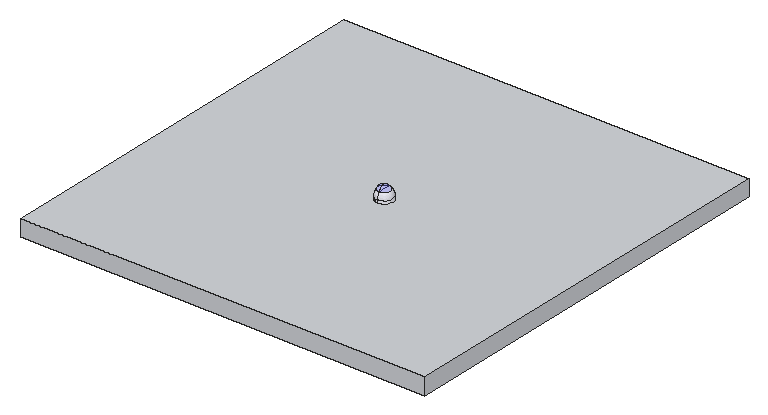
Revit family "BEG-92270", category Dispositifs d'éclairage, Revit 2015
Parameters
  Detection zone [instance] = yes
  URL = "http://www.luxomat.com/en-92270"
  Type of output = "SWITCH"
  Ambiant temperature = "-25°C to +50°C"
  Ref = "92270"
  Relay = "10A"
  height position [instance] = 250 cm
  Modèle = "PD4N-1C-C-SM"
  Installation type = "Ceiling"
  Brand = "LUXOMAT"
  Image du type = 92270.jpg
  IP = "44"
  Mounting height max = Installation height max  # 270 cm
  Installation height max = 270 cm
  Fabricant = "B.E.G"
  Label [instance] = yes
  Default Elevation = 0 cm
  Consumption = "0.52W"
  Commentaires du type = "Occupancy detector PD4N-1C-C-SM"
  Code d'assemblage = "D5010200"
  Class = "2"
  Switching power LED = "300W"
  Switching power Cos ɸ =1 = "2300W"
  Switching power Cos ɸ =0.5 = "1150VA"
  Power voltage = "110-240 V AC"
Reference planes (cm)
  plane 1 "Centre (avant/arrière)": y = 0
  plane 2: z = 0
  plane 3 "Centre (gauche/droite)": x = 0
Forms (cm)
  Extrusion 1, solid
    sketch origin (0, 0, 0) x (1, 0, 0) y (0, 1, 0)
      loop
        line (-121.92, 121.92) -> (-121.92, -121.92) -> (121.92, -121.92) -> (121.92, 121.92) -> (-121.92, 121.92)
    from 0 to -10
Dimensions and locks (cm)
  aligned and locked: plane 2 to Extrusion 1
  aligned and locked: level to Extrusion 1
  aligned and locked: nested 2 to plane 2
Nested families (cm)
  nested 1: "Famille1" at (0, -72.6659, 0) x (-1, 0, 0) z (0, 0, 1), reference <- "Ref", modele <- "Modèle", visible <- "Label", type "Famille1"
    with reference "92270", modele "PD4N-1C-C-SM"
  nested 2: "M14" at (0, 0, 0), type "Standard"
  nested 3: "Symbole plafond 2D couloir" at (0, 0.102, 0), type "Symbole plafond 2D couloir"
  nested 4: "zone I" at (0, 0, 0), visible <- "Detection zone", type "zone I"
    with position 2 320 cm, position 1 960 cm, frontal 800 cm, biais 2400 cm, activité assise 640 cm
Connectors (cm)
  electrical at (0.5717, -0.15, -5.1)
    settings: on nested 2, index 1, voltage 240 V, apparent load 0 VA, apparent load phase1 0 VA, apparent load phase2 0 VA, apparent load phase3 0 VA, power factor 1, load classification "Eclairage", number of poles 1, system type 31, power factor state 1, is connector primary yes, connector utility no, sub classification motor no, connector description ""
Definition of nested family "M14"
  Reference planes (cm)
    plane 1 "Centre (avant/arrière)": y = 0
    plane 2: z = 0
    plane 3 "Centre (gauche/droite)": x = 0
    plane 4: x = 0
  Forms (cm)
    Revolve 1, solid
      sketch origin (0, 0, 0) x (0, -1, 0) y (0, 0, 1)
        loop
          line (0, 0) -> (0, 5) -> (-3.8, 5)
          arc (-3.8, 5) -> (-4.577, 3.2225) -> (-4.8363, 1.3) r 7
          line (-4.8363, 1.3) -> (-4.9363, 1.3) -> (-5.05, 0) -> (0, 0)
        axis (0, 0) -> (0, 5)
      angle from 0 to 360
    Revolve 2, solid
      sketch origin (0, 0, 0) x (0, -1, 0) y (0, 0, 1)
        loop
          arc (0, 7.6) -> (-2.2816, 6.8864) -> (-3.75, 5) r 4.0043
          line (-3.75, 5) -> (0, 5) -> (0, 7.6)
        axis (0, 5) -> (0, 7.6)
      angle from 0 to 360
  Lines and regions (cm)
    reference lines
      curve 1: line (0, 0, 0) -> (0, 0, 7.6)
      curve 2: line (0, 0, 5) -> (0, 3.8, 5)
      curve 3: arc (0, 3.8, 5) -> (0, 4.577, 3.2225) -> (0, 4.8363, 1.3) r 7
      curve 4: line (0, 4.9363, 1.3) -> (0, 4.8363, 1.3)
      curve 5: line (0, 5.05, 0) -> (0, 4.9363, 1.3)
      curve 6: line (0, 0, 0) -> (0, 5.05, 0)
      curve 7: arc (0, 0, 7.6) -> (0, 2.2816, 6.8864) -> (0, 3.75, 5) r 4.0043
      curve 8: line (0, 3.75, 5) -> (0, 0, 5)
      curve 9: line (0, 0, 7.6) -> (0, 0, 5)
      curve 10: line (0, 0, 0) -> (0, 0, 7.6)
  Dimensions and locks (cm)
    aligned and locked: level to plane 2
    aligned and locked: Revolve 1 sketch curve to curve 1  (x2)
    aligned and locked: Revolve 1 sketch curve to curve 2
    aligned and locked: Revolve 1 sketch curve to curve 3
    aligned and locked: Revolve 1 sketch curve to curve 4
    aligned and locked: Revolve 1 sketch curve to curve 5
    aligned and locked: Revolve 1 sketch curve to curve 6
    aligned and locked: Revolve 2 sketch curve to curve 7
    aligned and locked: Revolve 2 sketch curve to curve 8
    aligned and locked: Revolve 2 sketch curve to curve 9
    aligned and locked: Revolve 2 sketch curve to curve 10
Definition of nested family "Famille1"
  Parameters (values of type "Famille1")
    reference [instance] = ""
    modele [instance] = ""
  Reference planes (cm)
    plane 1: y = 0
    plane 2: x = 0
  Text (cm)
    label "reference\n\nmodele" at (0.0074, 0.0451, 0), shows "reference", "modele"
Definition of nested family "Symbole plafond 2D couloir"
  Reference planes (cm)
    plane 1: y = 0
    plane 2: x = 0
  Lines and regions (cm)
    Filled region 1, type "rouge"
      outline origin (0, 0, 0) x (1, 0, 0) y (0, 1, 0)
        loop
          circle (0, 0) r 0.0294
    detail lines
      curve 1: arc (-0.0294, 0, 0) -> (0, -0.0294, 0) -> (0.0294, 0, 0) r 0.0294
      curve 2: arc (0.0294, 0, 0) -> (0, 0.0294, 0) -> (-0.0294, 0, 0) r 0.0294
      curve 3: arc (-0.1768, 0.102, 0) -> (-0.2041, 0, 0) -> (-0.1768, -0.102, 0) r 0.204
      curve 4: arc (0.1766, -0.102, 0) -> (0.2039, 0, 0) -> (0.1766, 0.102, 0) r 0.204
      curve 5: arc (-0.1404, 0.081, 0) -> (-0.1621, 0, 0) -> (-0.1404, -0.081, 0) r 0.162
      curve 6: arc (0.1402, -0.081, 0) -> (0.1619, 0, 0) -> (0.1402, 0.081, 0) r 0.162
      curve 7: arc (-0.104, 0.06, 0) -> (-0.1201, 0, 0) -> (-0.104, -0.06, 0) r 0.12
      curve 8: arc (0.1038, -0.06, 0) -> (0.1199, 0, 0) -> (0.1038, 0.06, 0) r 0.12
Definition of nested family "zone I"
  Parameters (values of type "zone I")
    position 2 [instance] = (frontal / 2) * 0.8  # 320 cm
    position 1 [instance] = (biais / 2) * 0.8  # 960 cm
    frontal [instance] = 800 cm
    biais [instance] = 2400 cm
    activité assise [instance] = 640 cm
  Reference planes (cm)
    plane 1 "Centre (avant/arrière)": y = 0
    plane 2: z = 0
    plane 3 "Centre (gauche/droite)": x = 0
    plane 4: x = 1000
    plane 5: x = -1000
    plane 6: x = -2000
    plane 7: x = 2000
    plane 8: y = 150
    plane 9: y = -150
    plane 10: y = 250
    plane 11: y = -250
  Lines and regions (cm)
    detail lines, in view "Niveau de réf."
      curve 1: spline (2.3068, -307.7265, 0) -> (4.0856, -307.3949, 0) -> (5.7432, -306.4226, 0) -> (7.1667, -304.876, 0) -> (8.2589, -302.8603, 0) -> (8.9455, -300.5131, 0) -> (9.1797, -297.9942, 0) -> (8.9455, -295.4753, 0) -> (8.2589, -293.1281, 0) -> (7.1667, -291.1125, 0) -> (5.7432, -289.5658, 0) -> (4.0856, -288.5936, 0) -> (2.3068, -288.262, 0) -> (0.5279, -288.5936, 0) -> (-1.1297, -289.5658, 0) -> (-2.5531, -291.1125, 0) -> (-3.6453, -293.1281, 0) -> (-4.3319, -295.4753, 0) -> (-4.5661, -297.9942, 0) -> (-4.3319, -300.5131, 0) -> (-3.6453, -302.8603, 0) -> (-2.5531, -304.876, 0) -> (-1.1297, -306.4226, 0) -> (0.5279, -307.3949, 0) -> (2.3068, -307.7265, 0)
      curve 2: line (-4.7649, -295.0929, 0) -> (0.5136, -307.9212, 0)
      curve 3: line (3.5648, -308.0775, 0) -> (9.2455, -294.5266, 0)
      curve 4: line (-0.3759, -288.4588, 0) -> (-3.0011, -290.8806, 0)
      curve 5: line (3.5053, -308.5045, 0) -> (6.62, -308.3756, 0)
      curve 6: line (1.7304, -308.3525, 0) -> (3.5053, -308.5045, 0)
      curve 7: line (-4.7649, -295.0929, 0) -> (0.5136, -307.9212, 0)
      curve 8: line (-21.1936, -295.3894, 0) -> (-24.4202, -297.3623, 0)
      curve 9: line (-21.1936, -295.3894, 0) -> (-24.4202, -297.3623, 0)
      curve 10: line (-0.3759, -288.4588, 0) -> (-3.0011, -290.8806, 0)
      curve 11: line (1.7304, -308.3525, 0) -> (6.62, -308.3756, 0)
      curve 12: line (3.5648, -308.0775, 0) -> (9.2455, -294.5266, 0)
      curve 13: line (0, -280, 0) -> (0, -249.0788, 0)
      curve 14: line (0, -249.0788, 0) -> (0, -240.7814, 0)
      curve 15: spline (-1521.106, -27.7265, 0) -> (-1519.3271, -27.3949, 0) -> (-1517.6695, -26.4226, 0) -> (-1516.2461, -24.876, 0) -> (-1515.1539, -22.8603, 0) -> (-1514.4673, -20.5131, 0) -> (-1514.2331, -17.9942, 0) -> (-1514.4673, -15.4753, 0) -> (-1515.1539, -13.1281, 0) -> (-1516.2461, -11.1125, 0) -> (-1517.6695, -9.5658, 0) -> (-1519.3271, -8.5936, 0) -> (-1521.106, -8.262, 0) -> (-1522.8848, -8.5936, 0) -> (-1524.5424, -9.5658, 0) -> (-1525.9659, -11.1125, 0) -> (-1527.0581, -13.1281, 0) -> (-1527.7447, -15.4753, 0) -> (-1527.9789, -17.9942, 0) -> (-1527.7447, -20.5131, 0) -> (-1527.0581, -22.8603, 0) -> (-1525.9659, -24.876, 0) -> (-1524.5424, -26.4226, 0) -> (-1522.8848, -27.3949, 0) -> (-1521.106, -27.7265, 0)
      curve 16: line (-1528.1777, -15.0929, 0) -> (-1522.8992, -27.9212, 0)
      curve 17: line (-1519.848, -28.0775, 0) -> (-1514.1673, -14.5266, 0)
      curve 18: line (-1523.7887, -8.4588, 0) -> (-1526.4139, -10.8806, 0)
      curve 19: line (-1519.9075, -28.5045, 0) -> (-1516.7928, -28.3756, 0)
      curve 20: line (-1521.6824, -28.3525, 0) -> (-1519.9075, -28.5045, 0)
      curve 21: line (-1528.1777, -15.0929, 0) -> (-1522.8992, -27.9212, 0)
      curve 22: line (-1544.6063, -15.3894, 0) -> (-1547.833, -17.3623, 0)
      curve 23: line (-1544.6063, -15.3894, 0) -> (-1547.833, -17.3623, 0)
      curve 24: line (-1523.7887, -8.4588, 0) -> (-1526.4139, -10.8806, 0)
      curve 25: line (-1521.6824, -28.3525, 0) -> (-1516.7928, -28.3756, 0)
      curve 26: line (-1519.848, -28.0775, 0) -> (-1514.1673, -14.5266, 0)
      curve 27: line (-1523.4128, 0, 0) -> (-1523.4128, 30.9212, 0)
      curve 28: line (-1523.4128, 30.9212, 0) -> (-1523.4128, 39.2186, 0)
      curve 169: spline (-372.7692, 145.0624, 0) -> (-523.6863, 149.8316, 0) -> (-672.4215, 140.7991, 0) -> (-805.2741, 118.7969, 0) -> (-910.0066, 85.8517, 0) -> (-976.9713, 44.9984, 0) -> (-1000, 0, 0) -> (-976.9713, -44.9984, 0) -> (-910.0066, -85.8517, 0) -> (-805.2741, -118.7969, 0) -> (-672.4215, -140.7991, 0) -> (-523.6863, -149.8316, 0) -> (-372.7692, -145.0624, 0)
      curve 170: arc (-1930.5405, 241.3176, 0) -> (-2000, 0, 0) -> (-1930.5405, -241.3176, 0) r 453.9252
      curve 171: line (-852.071, 106.5089, 0) -> (-1930.5405, 241.3176, 0)
      curve 172: line (-852.071, -106.5089, 0) -> (-1930.5405, -241.3176, 0)
      curve 173: arc (-372.7692, -145.0624, 0) -> (0, -400, 0) -> (372.7692, -145.0624, 0) r 400
      curve 174: spline (372.7692, 145.0624, 0) -> (523.6863, 149.8316, 0) -> (672.4215, 140.7991, 0) -> (805.2741, 118.7969, 0) -> (910.0066, 85.8517, 0) -> (976.9713, 44.9984, 0) -> (1000, 0, 0) -> (976.9713, -44.9984, 0) -> (910.0066, -85.8517, 0) -> (805.2741, -118.7969, 0) -> (672.4215, -140.7991, 0) -> (523.6863, -149.8316, 0) -> (372.7692, -145.0624, 0)
      curve 175: arc (1930.5405, 241.3176, 0) -> (2000, 0, 0) -> (1930.5405, -241.3176, 0) r 453.9252
      curve 176: line (852.071, 106.5089, 0) -> (1930.5405, 241.3176, 0)
      curve 177: line (852.071, -106.5089, 0) -> (1930.5405, -241.3176, 0)
      curve 178: arc (372.7692, 145.0624, 0) -> (0, 400, 0) -> (-372.7692, 145.0624, 0) r 400
    detail lines, in view "Niveau de réf.", not visible
      curve 29: spline (925.976, -22.5654, 0) -> (926.342, -22.7186, 0) -> (927.4152, -22.8614, 0) -> (929.1224, -22.984, 0) -> (931.3472, -23.0781, 0) -> (933.938, -23.1373, 0) -> (936.7184, -23.1574, 0) -> (939.4987, -23.1373, 0) -> (942.0896, -23.0781, 0) -> (944.3144, -22.984, 0) -> (946.0216, -22.8614, 0) -> (947.0948, -22.7186, 0) -> (947.4608, -22.5654, 0) -> (947.0948, -22.4122, 0) -> (946.0216, -22.2694, 0) -> (944.3144, -22.1467, 0) -> (942.0896, -22.0527, 0) -> (939.4987, -21.9935, 0) -> (936.7184, -21.9733, 0) -> (933.938, -21.9935, 0) -> (931.3472, -22.0527, 0) -> (929.1224, -22.1467, 0) -> (927.4152, -22.2694, 0) -> (926.342, -22.4122, 0) -> (925.976, -22.5654, 0)
      curve 30: line (925.976, -22.5654, 0) -> (927.5256, -22.2591, 0)
      curve 31: arc (928.6032, -42.366, 0) -> (923.9612, -42.9632, 0) -> (919.6215, -44.716, 0) r 18.3388
      curve 32: arc (919.6215, -44.716, 0) -> (919.5545, -44.7818, 0) -> (919.5297, -44.8725, 0) r 0.1799
      curve 33: arc (928.7956, -42.9577, 0) -> (924.5053, -43.3576, 0) -> (920.3988, -44.6624, 0) r 20.1051
      curve 34: arc (920.3988, -44.6624, 0) -> (920.213, -44.7562, 0) -> (920.0404, -44.8725, 0) r 1.6679
      curve 35: circle (919.7851, -45.6065, 0) r 0.5096 normal (0, 0, 1)
      curve 36: arc (920.3547, -45.6065, 0) -> (919.7851, -45.0369, 0) -> (919.2155, -45.6065, 0) r 0.5696
      curve 37: arc (920.4147, -45.6065, 0) -> (919.7851, -44.9769, 0) -> (919.1555, -45.6065, 0) r 0.6296
      curve 38: arc (944.8336, -42.366, 0) -> (949.4756, -42.9632, 0) -> (953.8152, -44.716, 0) r 18.3388
      curve 39: arc (953.8152, -44.716, 0) -> (953.8823, -44.7818, 0) -> (953.907, -44.8725, 0) r 0.1799
      curve 40: arc (944.6412, -42.9577, 0) -> (948.9315, -43.3576, 0) -> (953.038, -44.6624, 0) r 20.1051
      curve 41: arc (953.038, -44.6624, 0) -> (953.2237, -44.7562, 0) -> (953.3964, -44.8725, 0) r 1.6679
      curve 42: circle (953.6517, -45.6065, 0) r 0.5096 normal (0, 0, 1)
      curve 43: arc (954.2213, -45.6065, 0) -> (953.6517, -45.0369, 0) -> (953.0821, -45.6065, 0) r 0.5696
      curve 44: arc (954.2813, -45.6065, 0) -> (953.6517, -44.9769, 0) -> (953.0221, -45.6065, 0) r 0.6296
      curve 45: arc (935.9933, -42.366, 0) -> (932.2655, -43.2182, 0) -> (928.7471, -44.716, 0) r 21.5424
      curve 46: arc (928.7471, -44.716, 0) -> (928.68, -44.7818, 0) -> (928.6553, -44.8725, 0) r 0.1799
      curve 47: arc (935.9933, -42.9577, 0) -> (932.6991, -43.5833, 0) -> (929.5243, -44.6624, 0) r 23.9713
      curve 48: arc (929.5243, -44.6624, 0) -> (929.3417, -44.7544, 0) -> (929.1716, -44.8681, 0) r 1.6679
      curve 49: arc (936.2298, -42.9577, 0) -> (932.9838, -43.6066, 0) -> (929.8464, -44.6624, 0) r 26.0219
      curve 50: arc (929.8464, -44.6624, 0) -> (929.6606, -44.7562, 0) -> (929.488, -44.8725, 0) r 1.6679
      curve 51: circle (929.0716, -45.6065, 0) r 0.5096 normal (0, 0, 1)
      curve 52: arc (929.6412, -45.6065, 0) -> (929.0716, -45.0369, 0) -> (928.502, -45.6065, 0) r 0.5696
      curve 53: arc (929.7012, -45.6065, 0) -> (929.0716, -44.9769, 0) -> (928.442, -45.6065, 0) r 0.6296
      curve 54: arc (937.4435, -42.366, 0) -> (941.1713, -43.2182, 0) -> (944.6897, -44.716, 0) r 21.5424
      curve 55: arc (944.6897, -44.716, 0) -> (944.7568, -44.7818, 0) -> (944.7815, -44.8725, 0) r 0.1799
      curve 56: arc (937.4435, -42.9577, 0) -> (940.7377, -43.5833, 0) -> (943.9124, -44.6624, 0) r 23.9713
      curve 57: arc (943.9124, -44.6624, 0) -> (944.0982, -44.7562, 0) -> (944.2708, -44.8725, 0) r 1.6679
      curve 58: arc (937.207, -42.9577, 0) -> (940.453, -43.6066, 0) -> (943.5904, -44.6624, 0) r 26.0219
      curve 59: arc (943.5904, -44.6624, 0) -> (943.7762, -44.7562, 0) -> (943.9488, -44.8725, 0) r 1.6679
      curve 60: circle (944.3651, -45.6065, 0) r 0.5096 normal (0, 0, 1)
      curve 61: arc (944.9347, -45.6065, 0) -> (944.3651, -45.0369, 0) -> (943.7956, -45.6065, 0) r 0.5696
      curve 62: arc (944.9947, -45.6065, 0) -> (944.3651, -44.9769, 0) -> (943.7356, -45.6065, 0) r 0.6296
      curve 63: arc (928.2447, -16.9067, 0) -> (929.3751, -19.9599, 0) -> (932.3873, -21.1953, 0) r 4.0512
      curve 64: arc (947.5341, -21.5503, 0) -> (948.2989, -21.9955, 0) -> (948.4581, -22.866, 0) r 1.0582
      curve 65: arc (948.4581, -22.866, 0) -> (947.1637, -32.0042, 0) -> (947.1824, -41.2336, 0) r 64.7189
      curve 66: arc (947.1824, -41.2336, 0) -> (947.3196, -41.7803, 0) -> (947.8, -42.0753, 0) r 0.7467
      curve 67: arc (947.8, -42.0753, 0) -> (950.8812, -42.6489, 0) -> (954.0146, -42.7177, 0) r 19.3577
      curve 68: arc (954.0146, -42.7177, 0) -> (953.6164, -42.2163, 0) -> (953.0065, -42.0212, 0) r 1.1013
      curve 69: arc (953.0065, -42.0212, 0) -> (950.8253, -41.5868, 0) -> (948.6939, -40.9514, 0) r 23.8747
      curve 70: arc (948.6939, -40.9514, 0) -> (949.6481, -32.326, 0) -> (950.4047, -23.6811, 0) r 379.1961
      curve 71: arc (950.4047, -23.6811, 0) -> (950.1819, -20.9354, 0) -> (948.1945, -19.0278, 0) r 3.8846
      curve 72: arc (948.1945, -19.0278, 0) -> (942.0386, -16.9625, 0) -> (935.5985, -16.1341, 0) r 33.2193
      curve 73: arc (935.5985, -16.1341, 0) -> (936.4011, -8.4722, 0) -> (936.3918, -0.7683, 0) r 72.9952
      curve 74: arc (936.1411, 2.5028, 0) -> (936.0331, 3.5186, 0) -> (935.9108, 4.5328, 0) r 72.9952
      curve 75: arc (933.0779, 4.298, 0) -> (930.9101, 3.5141, 0) -> (931.7641, 1.3729, 0) r 1.6042
      curve 76: arc (935.9108, 4.5328, 0) -> (932.5228, 6.4802, 0) -> (929.1348, 4.5328, 0) r 3.9209
      curve 77: arc (962.4108, -5.4595, 0) -> (962.3989, -5.5507, 0) -> (962.3115, -5.5223, 0) r 0.0597
      curve 78: arc (960.275, -5.2364, 0) -> (960.303, -5.394, 0) -> (960.1444, -5.4151, 0) r 0.1108
      curve 79: spline (932.3619, 15.8637, 0) -> (933.2734, 15.7331, 0) -> (934.1297, 15.3083, 0) -> (934.8726, 14.6182, 0) -> (935.4514, 13.7099, 0) -> (935.8267, 12.6452, 0) -> (935.9728, 11.4968, 0) -> (935.8798, 10.3428, 0) -> (935.5541, 9.262, 0) -> (935.0179, 8.3279, 0) -> (934.3076, 7.6043, 0) -> (933.4718, 7.1404, 0) -> (932.5673, 6.9679, 0) -> (931.6558, 7.0985, 0) -> (930.7994, 7.5233, 0) -> (930.0565, 8.2134, 0) -> (929.4777, 9.1217, 0) -> (929.1025, 10.1864, 0) -> (928.9564, 11.3348, 0) -> (929.0493, 12.4888, 0) -> (929.375, 13.5696, 0) -> (929.9113, 14.5037, 0) -> (930.6215, 15.2273, 0) -> (931.4574, 15.6912, 0) -> (932.3619, 15.8637, 0)
      curve 80: line (957.0918, -46.116, 0) -> (997.8768, -46.116, 0)
      curve 81: line (997.8768, -46.116, 0) -> (997.8768, -7.1091, 0)
      curve 82: line (997.8768, -7.1091, 0) -> (957.0918, -7.1091, 0)
      curve 83: line (957.0918, -7.1091, 0) -> (957.0918, -46.116, 0)
      curve 84: line (957.0918, -46.116, 0) -> (910.5345, -46.116, 0)
      curve 85: line (951.1501, -7.1091, 0) -> (1003.8185, -7.1091, 0)
      curve 86: line (1003.8185, -7.1091, 0) -> (1003.8185, -5.6427, 0)
      curve 87: line (1003.8185, -5.6427, 0) -> (951.1501, -5.6427, 0)
      curve 88: line (951.1501, -5.6427, 0) -> (951.1501, -7.1091, 0)
      curve 89: line (935.7304, -23.1574, 0) -> (937.7064, -23.1574, 0)
      curve 90: line (937.7064, -23.1574, 0) -> (937.7064, -42.366, 0)
      curve 91: line (937.7064, -42.366, 0) -> (935.7304, -42.366, 0)
      curve 92: line (935.7304, -42.366, 0) -> (935.7304, -23.1574, 0)
      curve 93: line (935.7304, -42.366, 0) -> (928.6032, -42.366, 0)
      curve 94: line (919.5297, -44.8725, 0) -> (920.0404, -44.8725, 0)
      curve 95: line (937.4435, -42.366, 0) -> (937.207, -42.9577, 0)
      curve 96: line (937.207, -42.9577, 0) -> (937.4435, -42.9577, 0)
      curve 97: line (937.4435, -42.9577, 0) -> (936.7184, -42.9577, 0)
      curve 98: line (936.7184, -42.9577, 0) -> (935.9933, -42.9577, 0)
      curve 99: line (935.9933, -42.9577, 0) -> (936.2298, -42.9577, 0)
      curve 100: line (936.2298, -42.9577, 0) -> (935.9933, -42.366, 0)
      curve 101: line (933.13, -42.9577, 0) -> (928.7956, -42.9577, 0)
      curve 102: line (919.2155, -45.6065, 0) -> (919.1555, -45.6065, 0)
      curve 103: line (920.3547, -45.6065, 0) -> (920.4147, -45.6065, 0)
      curve 104: line (919.8851, -44.9848, 0) -> (919.8851, -44.8725, 0)
      curve 105: line (919.6851, -44.9848, 0) -> (919.6851, -44.8725, 0)
      curve 106: line (937.7064, -42.366, 0) -> (944.8336, -42.366, 0)
      curve 107: line (953.907, -44.8725, 0) -> (953.3964, -44.8725, 0)
      curve 108: line (940.3068, -42.9577, 0) -> (944.6412, -42.9577, 0)
      curve 109: line (954.2213, -45.6065, 0) -> (954.2813, -45.6065, 0)
      curve 110: line (953.0821, -45.6065, 0) -> (953.0221, -45.6065, 0)
      curve 111: line (953.5517, -44.9848, 0) -> (953.5517, -44.8725, 0)
      curve 112: line (953.7517, -44.9848, 0) -> (953.7517, -44.8725, 0)
      curve 113: line (928.6553, -44.8725, 0) -> (929.488, -44.8725, 0)
      curve 114: line (928.502, -45.6065, 0) -> (928.442, -45.6065, 0)
      curve 115: line (929.6412, -45.6065, 0) -> (929.7012, -45.6065, 0)
      curve 116: line (929.1716, -44.9848, 0) -> (929.1716, -44.8681, 0)
      curve 117: line (928.9716, -44.9848, 0) -> (928.9716, -44.8725, 0)
      curve 118: line (944.7815, -44.8725, 0) -> (943.9488, -44.8725, 0)
      curve 119: line (944.9347, -45.6065, 0) -> (944.9947, -45.6065, 0)
      curve 120: line (943.7956, -45.6065, 0) -> (943.7356, -45.6065, 0)
      curve 121: line (944.2651, -44.9848, 0) -> (944.2651, -44.8725, 0)
      curve 122: line (944.4651, -44.9848, 0) -> (944.4651, -44.8725, 0)
      curve 123: line (932.3873, -21.1953, 0) -> (947.5341, -21.5503, 0)
      curve 124: line (928.2447, -16.9067, 0) -> (929.1348, 4.5328, 0)
      curve 125: line (933.0779, 4.298, 0) -> (945.9271, -3.2324, 0)
      curve 126: line (945.9271, -3.2324, 0) -> (956.9598, -4.1102, 0)
      curve 127: line (956.9598, -4.1102, 0) -> (959.6493, -4.0553, 0)
      curve 128: line (959.6493, -4.0553, 0) -> (961.5155, -4.4943, 0)
      curve 129: line (961.5155, -4.4943, 0) -> (962.4108, -5.4595, 0)
      curve 130: line (962.3115, -5.5223, 0) -> (961.4719, -4.6876, 0)
      curve 131: line (961.4719, -4.6876, 0) -> (959.6412, -4.4783, 0)
      curve 132: line (959.6412, -4.4783, 0) -> (959.2367, -4.7524, 0)
      curve 133: line (959.2367, -4.7524, 0) -> (960.275, -5.2364, 0)
      curve 134: line (960.1444, -5.4151, 0) -> (958.5871, -4.8823, 0)
      curve 135: line (958.5871, -4.8823, 0) -> (956.7566, -5.1214, 0)
      curve 136: line (956.7566, -5.1214, 0) -> (945.2383, -4.8614, 0)
      curve 137: line (945.2383, -4.8614, 0) -> (931.7641, 1.3729, 0)
      curve 138: line (931.3882, 7.1969, 0) -> (931.2583, 6.2707, 0)
      curve 139: line (933.7384, 7.2529, 0) -> (933.8809, 6.2375, 0)
      curve 140: line (997.8768, -46.116, 0) -> (1009.4512, -46.116, 0)
      curve 141: spline (630.3724, -48.277, 0) -> (632.1512, -47.9453, 0) -> (633.8088, -46.9731, 0) -> (635.2323, -45.4264, 0) -> (636.3245, -43.4108, 0) -> (637.0111, -41.0636, 0) -> (637.2453, -38.5447, 0) -> (637.0111, -36.0258, 0) -> (636.3245, -33.6786, 0) -> (635.2323, -31.663, 0) -> (633.8088, -30.1163, 0) -> (632.1512, -29.1441, 0) -> (630.3724, -28.8124, 0) -> (628.5935, -29.1441, 0) -> (626.9359, -30.1163, 0) -> (625.5125, -31.663, 0) -> (624.4202, -33.6786, 0) -> (623.7336, -36.0258, 0) -> (623.4995, -38.5447, 0) -> (623.7336, -41.0636, 0) -> (624.4202, -43.4108, 0) -> (625.5125, -45.4264, 0) -> (626.9359, -46.9731, 0) -> (628.5935, -47.9453, 0) -> (630.3724, -48.277, 0)
      curve 142: line (623.3007, -35.6434, 0) -> (628.5792, -48.4717, 0)
      curve 143: line (631.6303, -48.628, 0) -> (637.311, -35.0771, 0)
      curve 144: line (627.6897, -29.0093, 0) -> (625.0645, -31.4311, 0)
      curve 145: line (631.5709, -49.055, 0) -> (634.6856, -48.9261, 0)
      curve 146: line (629.7959, -48.903, 0) -> (631.5709, -49.055, 0)
      curve 147: line (623.3007, -35.6434, 0) -> (628.5792, -48.4717, 0)
      curve 148: line (606.872, -35.9399, 0) -> (603.6454, -37.9127, 0)
      curve 149: line (606.872, -35.9399, 0) -> (603.6454, -37.9127, 0)
      curve 150: line (627.6897, -29.0093, 0) -> (625.0645, -31.4311, 0)
      curve 151: line (629.7959, -48.903, 0) -> (634.6856, -48.9261, 0)
      curve 152: line (631.6303, -48.628, 0) -> (637.311, -35.0771, 0)
      curve 153: line (628.0656, -20.5505, 0) -> (628.0656, 10.3707, 0)
      curve 154: line (628.0656, 10.3707, 0) -> (628.0656, 18.6681, 0)
      curve 155: spline (1030.3724, -260.777, 0) -> (1032.1512, -260.4453, 0) -> (1033.8088, -259.4731, 0) -> (1035.2323, -257.9264, 0) -> (1036.3245, -255.9108, 0) -> (1037.0111, -253.5636, 0) -> (1037.2453, -251.0447, 0) -> (1037.0111, -248.5258, 0) -> (1036.3245, -246.1786, 0) -> (1035.2323, -244.163, 0) -> (1033.8088, -242.6163, 0) -> (1032.1512, -241.6441, 0) -> (1030.3724, -241.3124, 0) -> (1028.5935, -241.6441, 0) -> (1026.9359, -242.6163, 0) -> (1025.5125, -244.163, 0) -> (1024.4202, -246.1786, 0) -> (1023.7336, -248.5258, 0) -> (1023.4995, -251.0447, 0) -> (1023.7336, -253.5636, 0) -> (1024.4202, -255.9108, 0) -> (1025.5125, -257.9264, 0) -> (1026.9359, -259.4731, 0) -> (1028.5935, -260.4453, 0) -> (1030.3724, -260.777, 0)
      curve 156: line (1023.3007, -248.1434, 0) -> (1028.5792, -260.9717, 0)
      curve 157: line (1031.6303, -261.128, 0) -> (1037.311, -247.5771, 0)
      curve 158: line (1027.6897, -241.5093, 0) -> (1025.0645, -243.9311, 0)
      curve 159: line (1031.5709, -261.555, 0) -> (1034.6856, -261.4261, 0)
      curve 160: line (1029.7959, -261.403, 0) -> (1031.5709, -261.555, 0)
      curve 161: line (1023.3007, -248.1434, 0) -> (1028.5792, -260.9717, 0)
      curve 162: line (1006.872, -248.4399, 0) -> (1003.6454, -250.4127, 0)
      curve 163: line (1006.872, -248.4399, 0) -> (1003.6454, -250.4127, 0)
      curve 164: line (1027.6897, -241.5093, 0) -> (1025.0645, -243.9311, 0)
      curve 165: line (1029.7959, -261.403, 0) -> (1034.6856, -261.4261, 0)
      curve 166: line (1031.6303, -261.128, 0) -> (1037.311, -247.5771, 0)
      curve 167: line (1028.0656, -233.0505, 0) -> (1028.0656, -202.1293, 0)
      curve 168: line (1028.0656, -202.1293, 0) -> (1028.0656, -193.8319, 0)
  Text (cm)
    text "2" at (0.4332, -321.3743, 0), in view "Niveau de réf."
    text "1" at (-1522.9796, -41.3743, 0), in view "Niveau de réf."
    text "1" at (628.4988, -61.9248, 0), in view "Niveau de réf.", not visible
    text "2" at (1028.4988, -274.4248, 0), in view "Niveau de réf.", not visible
  Dimensions and locks (cm)
    aligned and locked: curve 27 to plane 1 "Centre (avant/arrière)"
    aligned and locked: curve 13 to plane 3 "Centre (gauche/droite)"
